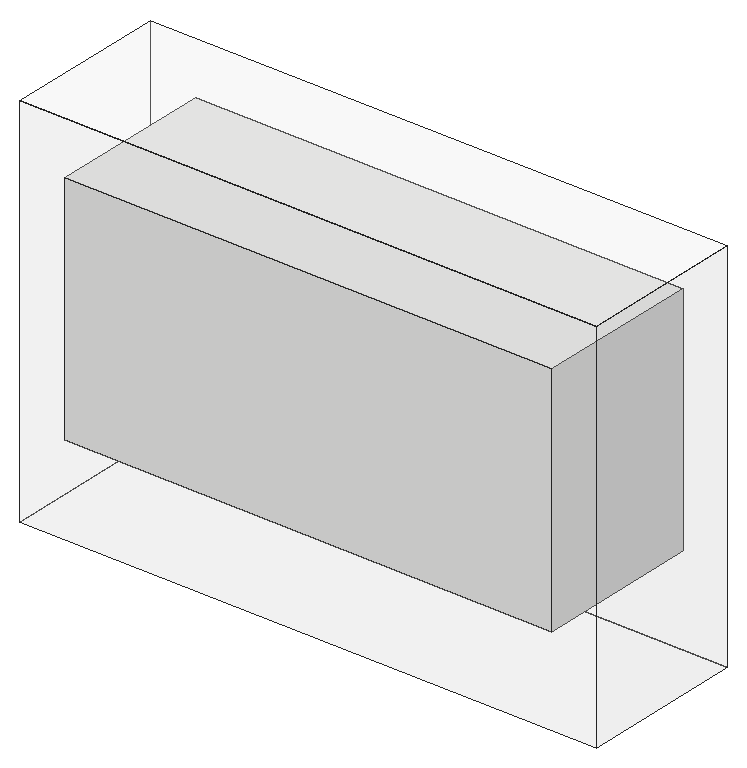
Revit family "vl-16_18(e)u(r)(h)3_50Hz", category 機械設備, Revit 2019
Family settings
  丸型コネクタ寸法 = 直径を使用
  パーツ タイプ = 標準
  OmniClass 番号 = 23.75.35.17.27
  OmniClass タイトル = Centrifugal Fans
  作業面ベース = いいえ
  常に垂直 = はい
  ロード時にボイドで切り取り = いいえ
  共有 = いいえ
  部屋計算ポイント = いいえ
Parameters (values of type "VL-16EU3")
  騒音レベル(dB(A)) [instance] = 39.5
  風量 [instance] = 93.0 m³/h
  電源種別 [instance] = ""
  電圧 = 100 V
  電動機出力 = 0 W
  電動機_種別 [instance] = ""
  運転質量 = 0.00 kg
  連動 [instance] = ""
  質量 = if(製品質量 > 運転質量, 製品質量, 運転質量) * 1.2  # 7.20 kg
  負荷分類 = 3_ファン類
  説明 = "換気空清機ロスナイ 準寒冷･温暖地仕様 壁掛2パイプ取付タイプ"
  設計風量 [instance] = 0.0 m³/h
  設置方法 = "壁付"
  記号 [instance] = ""
  製造元 = "三菱電機株式会社"
  製品質量 = 6.00 kg
  製品出荷対象 = "国内"
  製品リリース年月 = "2019年5月16日"
  製品グループ = ""
  系統 [instance] = ""
  符号 [instance] = ""
  積算_科目 = "2 換気設備"
  積算_拾い区分 [instance] = ""
  相 = 1
  盤記号 [instance] = ""
  発停方法 [instance] = ""
  特殊仕様 [instance] = ""
  温度交換効率 = 70.00%
  メンテナンススペース = yes
  火災停止 [instance] = ""
  消費電力 = 33 W
  法定耐用年数 = "15"
  機外静圧 [instance] = 0.0 Pa
  極数 = 2
  材質 [instance] = ""
  操作・制御方式 = ""
  操作・制御スイッチ = ""
  排気量 [instance] = 0.0 m³/h
  形式 = ""
  幹線記号 [instance] = ""
  対象室 [instance] = ""
  実風量 [instance] = 0.0 m³/h
  始動方式 [instance] = "直入"
  外気量 [instance] = 0.0 m³/h
  呼称 = ""
  周波数 = 50 Hz
  参照している仕様書等のバージョン = ""
  分類コード = "50052504100030"
  分類グループ = ""
  価格 = 69700
  企業コード = "108420"
  付属品_防振装置 = ""
  付属品 [instance] = ""
  仕様書バージョン = "Version1.0"
  モデル = "VL-16EU3"
  マテリアル = 合成樹脂(白)
  ファンの種類 = ""
  ダクト径 = 75 mm
  コメント [instance] = ""
  Keynote = ""
  Width = 550 mm
  W1 = if(Width / 2 < Depth, Width / 2, Depth)  # 185 mm
  Version = ""
  Uniclass2015Version = "Systems v1.9"
  Uniclass2015Title = "Twin centrifugal fans"
  Uniclass2015Code = "Pr_65_67_29_89"
  URL = "https://www.mitsubishielectric.co.jp/ldg/wink/ssl/displayProduct.do?pid=301002"
  SpecificationReference = ""
  SpecificationDescription = ""
  SAサイズ_D = 75 mm
  Revision = ""
  ProductInformation = ""
  OmniClassCode = "23-33 31 19 13 13"
  MIN風量 = 55.0 m³/h
  MIN静圧 = 0.0 Pa
  MID風量 = 0.0 m³/h
  MID静圧 = 0.0 Pa
  MAX風量 = 93.0 m³/h
  MAX静圧 = 0.0 Pa
  IfcTypeProduct = ""
  IfcProduct = ""
  IfcExportType = "CENTRIFUGALBACKWARDINCLINEDCURVED"
  IfcExportAs = "IfcFanType"
  Height = 265 mm
  EAサイズ_D = 75 mm
  Duct_Pitch = 350 mm
  Duct_H = 15 mm
  Depth = 185 mm
  Clearance Top = 60.5 mm
  Clearance Right = 50 mm
  Clearance Left = 50 mm
  Clearance Front = 0 mm
  Clearance Bottom = 100.5 mm
  Clearance Back = 0 mm
  Author = "三菱電機株式会社"
Types (4, lengths in mm): name | 騒音レベル(dB(A)) | 風量 | 質量 | 製品質量 | 温度交換効率 | 消費電力 | 価格 | モデル | ダクト径 | Width | URL | SAサイズ_D | MIN風量 | MAX風量 | Height | EAサイズ_D | Duct_H
  VL-18EUH3 | 29 | 55.0 m³/h | 8.40 kg | 7.00 kg | 65.00% | 22 W | 78400 | "VL-18EUH3" | 100 | 620 | "https://www.mitsubishielectric.co.jp/ldg/wink/ssl/displayProduct.do?pid=301011" | 100 | 0.0 m³/h | 55.0 m³/h | 285 | 100 | 25
  VL-18URH3 | 29 | 55.0 m³/h | 8.40 kg | 7.00 kg | 65.00% | 22 W | 90200 | "VL-18URH3" | 100 | 620 | "https://www.mitsubishielectric.co.jp/ldg/wink/ssl/displayProduct.do?pid=300945" | 100 | 0.0 m³/h | 55.0 m³/h | 285 | 100 | 25
  VL-16U3 | 39.5 | 93.0 m³/h | 7.20 kg | 6.00 kg | 70.00% | 33 W | 64500 | "VL-16U3" | 75 | 550 | "https://www.mitsubishielectric.co.jp/ldg/wink/ssl/displayProduct.do?pid=301006" | 75 | 55.0 m³/h | 93.0 m³/h | 265 | 75 | 15
  VL-16EU3 | 39.5 | 93.0 m³/h | 7.20 kg | 6.00 kg | 70.00% | 33 W | 69700 | "VL-16EU3" | 75 | 550 | "https://www.mitsubishielectric.co.jp/ldg/wink/ssl/displayProduct.do?pid=301002" | 75 | 55.0 m³/h | 93.0 m³/h | 265 | 75 | 15
Reference planes
  plane 1 "中心(正面/背面)": y = 0
  plane 2: z = 0
  plane 3 "中心(左/右)": x = 0
  plane 4: x = 325
  plane 5: y = 0
  plane 6: y = -185
  plane 7: x = -275
  plane 8: x = 275
  plane 9: y = -185
  plane 10: z = 193
  plane 11: z = -132.5
  plane 12: x = -325
  plane 13: z = -233
  plane 14: y = -92.5
  plane 15: z = 132.5
  plane 16: z = -15
  plane 17: x = -137.5
  plane 18: x = 137.5
  plane 19: x = 175
  plane 20: x = -175
  plane 21: y = 1
Forms (mm)
  Extrusion 1, solid, material "合成樹脂(白)" <- "マテリアル", detail levels fine
    sketch origin (0, 0, 0) x (1, 0, 0) y (0, 1, 0)
      loop
        line (-275, 0) -> (-275, -185) -> (275, -185) -> (275, 0) -> (-275, 0)
    from -132.5 to 132.5
  Extrusion 2, solid, material "合成樹脂(白)" <- "マテリアル", detail levels fine
    sketch origin (0, 0, 0) x (1, 0, 0) y (0, 0, 1)
      loop
        circle (175, -15) r 37.5
    from -1 to 0
  Extrusion 3, solid, material "合成樹脂(白)" <- "マテリアル", detail levels fine
    sketch origin (0, 0, 0) x (1, 0, 0) y (0, 0, 1)
      loop
        circle (-175, -15) r 37.5
    from -1 to 0
Lines and regions (mm)
  Masking region 1, detail levels coarse+medium
    outline origin (2279.921, -68.194, 0) x (1, 0, 0) y (0, 1, 0)
      loop
        line (-2554.921, 68.194) -> (-2554.921, -116.806) -> (-2004.921, -116.806) -> (-2004.921, 68.194) -> (-2554.921, 68.194)
  symbolic lines, detail levels coarse+medium
    curve 1: circle (137.5, -92.5, 0) r 92.5 normal (0, 0, 1)
    curve 2: circle (-137.5, -92.5, 0) r 92.5 normal (0, 0, 1)
Dimensions and locks
  equal spacing: plane 7, plane 3 "中心(左/右)", plane 8
  "Width": plane 7 to plane 8
  "Clearance Left": plane 12 to plane 7
  "Depth": plane 1 "中心(正面/背面)" to plane 9
  "Clearance Front": plane 9 to plane 6
  "Clearance Back": plane 5 to plane 1 "中心(正面/背面)"
  "Clearance Right": plane 8 to plane 4
  "Clearance Bottom": plane 11 to plane 13
  equal spacing: plane 1 "中心(正面/背面)", plane 14, plane 9
  "Height": plane 15 to plane 11
  "Clearance Top": plane 10 to plane 15
  equal spacing: plane 15, level, plane 11
  "Duct_H": level to plane 16
  equal spacing: plane 7, plane 17, plane 3 "中心(左/右)"
  equal spacing: plane 3 "中心(左/右)", plane 18, plane 8
  equal spacing: plane 20, plane 3 "中心(左/右)", plane 19  (x2)
  locked: plane 21 to plane 1 "中心(正面/背面)" at 1
  "Duct_Pitch": plane 20 to plane 19
  "W1": diameter of curve 2
  "W1": diameter of curve 1
  "SAサイズ_D": diameter of Extrusion 2 sketch curve
  "EAサイズ_D": diameter of Extrusion 3 sketch curve
  aligned and locked: level to plane 2
  aligned and locked: plane 8 to Extrusion 1
  aligned and locked: Extrusion 1 to plane 9
  aligned and locked: Extrusion 1 to plane 7
  aligned and locked: Extrusion 1 to plane 11
  aligned and locked: Extrusion 1 to plane 1 "中心(正面/背面)"
  aligned and locked: plane 15 to Extrusion 1
  aligned and locked: nested 1 to plane 6
  aligned and locked: nested 1 to plane 5
  aligned and locked: plane 12 to nested 1
  aligned and locked: plane 4 to nested 1
  aligned and locked: plane 13 to nested 1
  aligned and locked: plane 10 to nested 1
  aligned and locked: Masking region 1 to plane 7
  aligned and locked: plane 8 to Masking region 1
  aligned and locked: Masking region 1 to plane 1 "中心(正面/背面)"
  aligned and locked: Masking region 1 to plane 9
  aligned and locked: plane 1 "中心(正面/背面)" to Extrusion 3
  aligned and locked: plane 21 to Extrusion 3
  aligned and locked: plane 21 to Extrusion 2
  aligned and locked: plane 1 "中心(正面/背面)" to Extrusion 2
Automatic sketch dimensions
  Extrusion 1 sketch curve to plane 3 "中心(左/右)" = 275 mm
  plane 3 "中心(左/右)" to Extrusion 1 sketch curve = 275 mm
  plane 1 "中心(正面/背面)" to Extrusion 1 sketch curve = 185 mm
  Extrusion 1 sketch curve to plane 1 "中心(正面/背面)" = 0 mm
  Masking region 1 sketch curve to plane 4 = 600 mm
  Masking region 1 sketch curve to Masking region 1 sketch curve = 550 mm
  plane 6 to Masking region 1 sketch curve = 0 mm
  plane 14 to Masking region 1 sketch curve = 92.5 mm
  curve 2 to plane 14 = 0 mm
  curve 2 to plane 17 = 0 mm
  curve 1 to plane 14 = 0 mm
  curve 1 to plane 18 = 0 mm
  Extrusion 2 sketch curve to plane 16 = 0 mm
  plane 19 to Extrusion 2 sketch curve = 0 mm
  Extrusion 3 sketch curve to plane 16 = 0 mm
  plane 20 to Extrusion 3 sketch curve = 0 mm
Nested families
  nested 1: "メンテナンススペース" at (0, -92.5, -20), visible <- "メンテナンススペース", type "メンテナンススペース"
    with Width 650 mm, Height 426 mm, Depth 185 mm
Connectors
  electrical at (0, 0, 0), driven by "極数", driven by "電圧", driven by "消費電力"
    settings: on Extrusion 1, index 1, voltage 100 V, apparent load 33 VA, apparent load phase1 0 VA, apparent load phase2 0 VA, apparent load phase3 0 VA, power factor 1, load classification "その他", number of poles 2, system type 30, power factor state 1, is connector primary yes, connector utility no, sub classification motor no, connector description ""
  hvac at (175, 1, -15), driven by "ダクト径", driven by "機外静圧", driven by "風量"
    settings: on Extrusion 2, index 2, duct flow 93.0 m³/h, flow factor 0, pres drop 0.0 Pa, loss coef 0, conn angle 0.00°, conn width 304.8 mm, conn height 304.8 mm, conn diameter 75 mm, duct sys type 1, conn prof type 0, flow config 0, flow direction 1, loss method 4, conn ref index -1, conn util no, is conn primary yes, conn desc ""
  hvac at (-175, 1, -15), driven by "ダクト径", driven by "機外静圧", driven by "風量"
    settings: on Extrusion 3, index 3, duct flow 93.0 m³/h, flow factor 0, pres drop 0.0 Pa, loss coef 0, conn angle 0.00°, conn width 304.8 mm, conn height 304.8 mm, conn diameter 75 mm, duct sys type 3, conn prof type 0, flow config 0, flow direction 2, loss method 4, conn ref index -1, conn util no, is conn primary no, conn desc ""
Definition of nested family "メンテナンススペース"
  Parameters (values of type "メンテナンススペース")
    Width [instance] = 500 mm
    Height [instance] = 500 mm
    Depth [instance] = 500 mm
  Reference planes
    plane 1 "中心(正面/背面)": y = 0
    plane 2: z = 0
    plane 3 "中心(左/右)": x = 0
    plane 4: y = -250
    plane 5: x = 250
    plane 6: y = 250
    plane 7: x = -250
    plane 8: z = 250
    plane 9: z = -250
  Forms (mm)
    Extrusion 1, solid
      sketch origin (-638.939, 0, 72.39) x (1, 0, 0) y (0, 1, 0)
        loop
          line (388.939, 250) -> (388.939, -250) -> (888.939, -250) -> (888.939, 250) -> (388.939, 250)
      from -322.39 to 177.61
  Lines and regions (mm)
    symbolic lines
      curve 1: line (-250, 0, 250) -> (250, 0, 250)
      curve 2: line (-250, 0, -250) -> (-250, 0, 250)
      curve 3: line (250, 0, -250) -> (-250, 0, -250)
      curve 4: line (250, 0, 250) -> (250, 0, -250)
      curve 5: line (0, -250, 250) -> (0, 250, 250)
      curve 6: line (0, -250, -250) -> (0, -250, 250)
      curve 7: line (0, 250, -250) -> (0, -250, -250)
      curve 8: line (0, 250, 250) -> (0, 250, -250)
      curve 9: line (-250, 250, 0) -> (250, 250, 0)
      curve 10: line (-250, -250, 0) -> (-250, 250, 0)
      curve 11: line (250, -250, 0) -> (-250, -250, 0)
      curve 12: line (250, 250, 0) -> (250, -250, 0)
  Dimensions and locks
    equal spacing: plane 7, plane 3 "中心(左/右)", plane 5
    equal spacing: plane 4, plane 1 "中心(正面/背面)", plane 6
    "Depth": plane 4 to plane 6
    "Width": plane 7 to plane 5
    equal spacing: plane 8, plane 2, plane 9
    "Height": plane 8 to plane 9
    aligned and locked: plane 9 to curve 3
    aligned and locked: plane 7 to curve 2
    aligned and locked: curve 4 to plane 5
    aligned and locked: plane 5 to Extrusion 1
    aligned and locked: Extrusion 1 to plane 7
    aligned and locked: Extrusion 1 to plane 9
    aligned and locked: plane 8 to Extrusion 1
    aligned and locked: plane 9 to curve 7
  Automatic sketch dimensions
    plane 4 to Extrusion 1 sketch curve = 0 mm
    Extrusion 1 sketch curve to plane 7 = 0 mm
    Extrusion 1 sketch curve to plane 5 = 0 mm
    plane 6 to Extrusion 1 sketch curve = 0 mm
    curve 2 to plane 8 = 0 mm
    plane 4 to curve 11 = 0 mm
    curve 11 to plane 7 = 0 mm
    curve 11 to plane 5 = 0 mm
    plane 6 to curve 10 = 0 mm
    curve 7 to plane 4 = 0 mm
    curve 7 to plane 6 = 0 mm
    curve 6 to plane 8 = 0 mm
